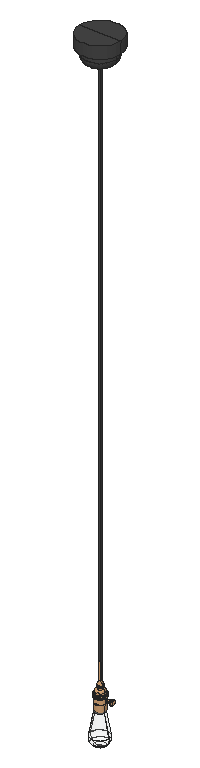
Revit family "SPO-KEY-ORB MB", category Lighting Fixtures, Revit 2020 (continued)
Definition of nested family "SPO-KEY-AB"
  Definition of nested family "SPO-KEY-AB HOLDER"
    Automatic sketch dimensions
      Extrusion 127 sketch curve to Extrusion 127 sketch curve = 0' - 0.0326"
      Extrusion 127 sketch curve to Extrusion 127 sketch curve = 0' - 0.0292"
      Extrusion 127 sketch curve to Extrusion 127 sketch curve = 0' - 0.02806"
      Extrusion 128 sketch curve to Extrusion 128 sketch curve = 0' - 0.02911"
      Extrusion 128 sketch curve to Extrusion 128 sketch curve = 0' - 0.0326"
      Extrusion 128 sketch curve to Extrusion 128 sketch curve = 0' - 0.0292"
      Extrusion 128 sketch curve to Extrusion 128 sketch curve = 0' - 0.02806"
      Extrusion 129 sketch curve to Extrusion 129 sketch curve = 0' - 0.02911"
      Extrusion 129 sketch curve to Extrusion 129 sketch curve = 0' - 0.0326"
      Extrusion 129 sketch curve to Extrusion 129 sketch curve = 0' - 0.0292"
      Extrusion 129 sketch curve to Extrusion 129 sketch curve = 0' - 0.02806"
      Extrusion 130 sketch curve to Extrusion 130 sketch curve = 0' - 0.02911"
      Extrusion 130 sketch curve to Extrusion 130 sketch curve = 0' - 0.0326"
      Extrusion 130 sketch curve to Extrusion 130 sketch curve = 0' - 0.0292"
      Extrusion 130 sketch curve to Extrusion 130 sketch curve = 0' - 0.02806"
      Extrusion 131 sketch curve to Extrusion 131 sketch curve = 0' - 0.02911"
      Extrusion 131 sketch curve to Extrusion 131 sketch curve = 0' - 0.0326"
      Extrusion 131 sketch curve to Extrusion 131 sketch curve = 0' - 0.0292"
      Extrusion 131 sketch curve to Extrusion 131 sketch curve = 0' - 0.02806"
      Extrusion 132 sketch curve to Extrusion 132 sketch curve = 0' - 0.02911"
      Extrusion 132 sketch curve to Extrusion 132 sketch curve = 0' - 0.0326"
      Extrusion 132 sketch curve to Extrusion 132 sketch curve = 0' - 0.0292"
      Extrusion 132 sketch curve to Extrusion 132 sketch curve = 0' - 0.02806"
      Extrusion 133 sketch curve to Extrusion 133 sketch curve = 0' - 0.02911"
      Extrusion 133 sketch curve to Extrusion 133 sketch curve = 0' - 0.0326"
      Extrusion 133 sketch curve to Extrusion 133 sketch curve = 0' - 0.0292"
      Extrusion 133 sketch curve to Extrusion 133 sketch curve = 0' - 0.02806"
      Extrusion 134 sketch curve to Extrusion 134 sketch curve = 0' - 0.03305"
      Extrusion 134 sketch curve to Extrusion 134 sketch curve = 0' - 0.03932"
      Extrusion 134 sketch curve to Extrusion 134 sketch curve = 0' - 0.03299"
      Extrusion 134 sketch curve to Extrusion 134 sketch curve = 0' - 0.03385"
      Extrusion 135 sketch curve to Extrusion 135 sketch curve = 0' - 0.03305"
      Extrusion 135 sketch curve to Extrusion 135 sketch curve = 0' - 0.03932"
      Extrusion 135 sketch curve to Extrusion 135 sketch curve = 0' - 0.03299"
      Extrusion 135 sketch curve to Extrusion 135 sketch curve = 0' - 0.03385"
      Extrusion 136 sketch curve to Extrusion 136 sketch curve = 0' - 0.03305"
      Extrusion 136 sketch curve to Extrusion 136 sketch curve = 0' - 0.03932"
      Extrusion 136 sketch curve to Extrusion 136 sketch curve = 0' - 0.03299"
      Extrusion 136 sketch curve to Extrusion 136 sketch curve = 0' - 0.03385"
      Extrusion 137 sketch curve to Extrusion 137 sketch curve = 0' - 0.03305"
      Extrusion 137 sketch curve to Extrusion 137 sketch curve = 0' - 0.03932"
      Extrusion 137 sketch curve to Extrusion 137 sketch curve = 0' - 0.03299"
      Extrusion 137 sketch curve to Extrusion 137 sketch curve = 0' - 0.03385"
      Extrusion 138 sketch curve to Extrusion 138 sketch curve = 0' - 0.03305"
      Extrusion 138 sketch curve to Extrusion 138 sketch curve = 0' - 0.03932"
      Extrusion 138 sketch curve to Extrusion 138 sketch curve = 0' - 0.03299"
      Extrusion 138 sketch curve to Extrusion 138 sketch curve = 0' - 0.03385"
      Extrusion 139 sketch curve to Extrusion 139 sketch curve = 0' - 0.03305"
      Extrusion 139 sketch curve to Extrusion 139 sketch curve = 0' - 0.03932"
      Extrusion 139 sketch curve to Extrusion 139 sketch curve = 0' - 0.03299"
      Extrusion 139 sketch curve to Extrusion 139 sketch curve = 0' - 0.03385"
      Extrusion 140 sketch curve to Extrusion 140 sketch curve = 0' - 0.03305"
      Extrusion 140 sketch curve to Extrusion 140 sketch curve = 0' - 0.03932"
      Extrusion 140 sketch curve to Extrusion 140 sketch curve = 0' - 0.03299"
      Extrusion 140 sketch curve to Extrusion 140 sketch curve = 0' - 0.03385"
      Extrusion 141 sketch curve to Extrusion 141 sketch curve = 0' - 0.03305"
      Extrusion 141 sketch curve to Extrusion 141 sketch curve = 0' - 0.03932"
      Extrusion 141 sketch curve to Extrusion 141 sketch curve = 0' - 0.03299"
      Extrusion 141 sketch curve to Extrusion 141 sketch curve = 0' - 0.03385"
      Extrusion 142 sketch curve to Extrusion 142 sketch curve = 0' - 0.03305"
      Extrusion 142 sketch curve to Extrusion 142 sketch curve = 0' - 0.03932"
      Extrusion 142 sketch curve to Extrusion 142 sketch curve = 0' - 0.03299"
      Extrusion 142 sketch curve to Extrusion 142 sketch curve = 0' - 0.03385"
      Extrusion 143 sketch curve to Extrusion 143 sketch curve = 0' - 0.03305"
      Extrusion 143 sketch curve to Extrusion 143 sketch curve = 0' - 0.03932"
      Extrusion 143 sketch curve to Extrusion 143 sketch curve = 0' - 0.03299"
      Extrusion 143 sketch curve to Extrusion 143 sketch curve = 0' - 0.03385"
      Extrusion 144 sketch curve to Extrusion 144 sketch curve = 0' - 0.03305"
      Extrusion 144 sketch curve to Extrusion 144 sketch curve = 0' - 0.03932"
      Extrusion 144 sketch curve to Extrusion 144 sketch curve = 0' - 0.03299"
      Extrusion 144 sketch curve to Extrusion 144 sketch curve = 0' - 0.03385"
      Extrusion 145 sketch curve to Extrusion 145 sketch curve = 0' - 0.03305"
      Extrusion 145 sketch curve to Extrusion 145 sketch curve = 0' - 0.03932"
      Extrusion 145 sketch curve to Extrusion 145 sketch curve = 0' - 0.03299"
      Extrusion 145 sketch curve to Extrusion 145 sketch curve = 0' - 0.03385"
      Extrusion 146 sketch curve to Extrusion 146 sketch curve = 0' - 0.03305"
      Extrusion 146 sketch curve to Extrusion 146 sketch curve = 0' - 0.03932"
      Extrusion 146 sketch curve to Extrusion 146 sketch curve = 0' - 0.03299"
      Extrusion 146 sketch curve to Extrusion 146 sketch curve = 0' - 0.03385"
      Extrusion 147 sketch curve to Extrusion 147 sketch curve = 0' - 0.03305"
      Extrusion 147 sketch curve to Extrusion 147 sketch curve = 0' - 0.03932"
      Extrusion 147 sketch curve to Extrusion 147 sketch curve = 0' - 0.03299"
      Extrusion 147 sketch curve to Extrusion 147 sketch curve = 0' - 0.03385"
      Extrusion 148 sketch curve to Extrusion 148 sketch curve = 0' - 0.03305"
      Extrusion 148 sketch curve to Extrusion 148 sketch curve = 0' - 0.03932"
      Extrusion 148 sketch curve to Extrusion 148 sketch curve = 0' - 0.03299"
      Extrusion 148 sketch curve to Extrusion 148 sketch curve = 0' - 0.03385"
      Extrusion 149 sketch curve to Extrusion 149 sketch curve = 0' - 0.03305"
      Extrusion 149 sketch curve to Extrusion 149 sketch curve = 0' - 0.03932"
      Extrusion 149 sketch curve to Extrusion 149 sketch curve = 0' - 0.03299"
      Extrusion 149 sketch curve to Extrusion 149 sketch curve = 0' - 0.03385"
      Extrusion 150 sketch curve to Extrusion 150 sketch curve = 0' - 0.03305"
      Extrusion 150 sketch curve to Extrusion 150 sketch curve = 0' - 0.03932"
      Extrusion 150 sketch curve to Extrusion 150 sketch curve = 0' - 0.03299"
      Extrusion 150 sketch curve to Extrusion 150 sketch curve = 0' - 0.03385"
      Extrusion 151 sketch curve to Extrusion 151 sketch curve = 0' - 0.03305"
      Extrusion 151 sketch curve to Extrusion 151 sketch curve = 0' - 0.03932"
      Extrusion 151 sketch curve to Extrusion 151 sketch curve = 0' - 0.03299"
      Extrusion 151 sketch curve to Extrusion 151 sketch curve = 0' - 0.03385"
      Extrusion 152 sketch curve to Extrusion 152 sketch curve = 0' - 0.03305"
      Extrusion 152 sketch curve to Extrusion 152 sketch curve = 0' - 0.03932"
      Extrusion 152 sketch curve to Extrusion 152 sketch curve = 0' - 0.03299"
      Extrusion 152 sketch curve to Extrusion 152 sketch curve = 0' - 0.03385"
      Extrusion 153 sketch curve to Extrusion 153 sketch curve = 0' - 0.03305"
      Extrusion 153 sketch curve to Extrusion 153 sketch curve = 0' - 0.03932"
      Extrusion 153 sketch curve to Extrusion 153 sketch curve = 0' - 0.03299"
      Extrusion 153 sketch curve to Extrusion 153 sketch curve = 0' - 0.03385"
      Extrusion 154 sketch curve to Extrusion 154 sketch curve = 0' - 0.03305"
      Extrusion 154 sketch curve to Extrusion 154 sketch curve = 0' - 0.03932"
      Extrusion 154 sketch curve to Extrusion 154 sketch curve = 0' - 0.03299"
      Extrusion 154 sketch curve to Extrusion 154 sketch curve = 0' - 0.03385"
      Extrusion 155 sketch curve to Extrusion 155 sketch curve = 0' - 0.03305"
      Extrusion 155 sketch curve to Extrusion 155 sketch curve = 0' - 0.03932"
      Extrusion 155 sketch curve to Extrusion 155 sketch curve = 0' - 0.03299"
      Extrusion 155 sketch curve to Extrusion 155 sketch curve = 0' - 0.03385"
      Extrusion 156 sketch curve to Extrusion 156 sketch curve = 0' - 0.03305"
      Extrusion 156 sketch curve to Extrusion 156 sketch curve = 0' - 0.03932"
      Extrusion 156 sketch curve to Extrusion 156 sketch curve = 0' - 0.03299"
      Extrusion 156 sketch curve to Extrusion 156 sketch curve = 0' - 0.03385"
      Extrusion 157 sketch curve to Extrusion 157 sketch curve = 0' - 0.03305"
      Extrusion 157 sketch curve to Extrusion 157 sketch curve = 0' - 0.03932"
      Extrusion 157 sketch curve to Extrusion 157 sketch curve = 0' - 0.03299"
      Extrusion 157 sketch curve to Extrusion 157 sketch curve = 0' - 0.03385"
      plane 1 "Center (Front/Back)" to Extrusion 1 sketch curve = 0' - 0"
      Extrusion 1 sketch curve to plane 3 "Center (Left/Right)" = 0' - 0"
      Revolve 2 sketch curve to plane 6 = 0' - 0"
      Revolve 2 sketch curve to level = 0' - 0"
      Revolve 2 sketch curve to plane 4 = 0' - 0"
      Revolve 2 sketch curve to plane 3 "Center (Left/Right)" = 0' - 0"  (x2)
      plane 6 to Revolve 2 sketch curve = 0' - 0.06075"
      plane 6 to Revolve 2 sketch curve = 0' - 0.12425"
      Revolve 2 sketch curve to Revolve 2 sketch curve = 0' - 0.18188"
      Revolve 2 sketch curve to Revolve 2 sketch curve = 0' - 0.21893"
      Revolve 2 sketch curve to plane 3 "Center (Left/Right)" = 0' - 0.32164"
      Revolve 2 sketch curve to Revolve 2 sketch curve = 0' - 0.03485"
      Revolve 2 sketch curve to Revolve 2 sketch curve = 0' - 0.05507"
      Revolve 2 sketch curve to plane 3 "Center (Left/Right)" = 0' - 0.18061"
      Revolve 2 sketch curve to Revolve 2 sketch curve = 0' - 0.87307"
      Revolve 2 sketch curve to Revolve 2 sketch curve = 0' - 0.0635"
      Revolve 2 sketch curve to Revolve 2 sketch curve = 0' - 0.67909"
      Revolve 2 sketch curve to Revolve 2 sketch curve = 0' - 0.38706"
      Revolve 2 sketch curve to Revolve 2 sketch curve = 0' - 0.20666"
      Revolve 2 sketch curve to Revolve 2 sketch curve = 0' - 0.06564"
      Revolve 2 sketch curve to Revolve 2 sketch curve = 0' - 0 1/4"
      Revolve 2 sketch curve to Revolve 2 sketch curve = 0' - 0.19319"
      Revolve 2 sketch curve to plane 4 = 0' - 0 1/4"
      Revolve 2 sketch curve to Revolve 2 sketch curve = 0' - 0.12407"
      Revolve 3 sketch curve to plane 5 = 0' - 0.06144"
      plane 5 to Revolve 3 sketch curve = 0' - 0.06784"
      Revolve 3 sketch curve to Revolve 3 sketch curve = 0' - 0.13031"
      Revolve 3 sketch curve to Revolve 3 sketch curve = 0' - 0.10379"
      Revolve 3 sketch curve to Revolve 3 sketch curve = 0' - 0.04714"
      Revolve 3 sketch curve to Revolve 3 sketch curve = 0' - 0.03234"
      Revolve 3 sketch curve to Revolve 3 sketch curve = 0' - 0.10316"
      Revolve 3 sketch curve to Revolve 3 sketch curve = 0' - 0.34639"
      Revolve 3 sketch curve to Revolve 3 sketch curve = 0' - 0.13742"
      level to Revolve 3 sketch curve = 0' - 1.37371"
      Revolve 3 sketch curve to Revolve 3 sketch curve = 0' - 0.04427"
      Revolve 3 sketch curve to Revolve 3 sketch curve = 0' - 0.02015"
      Revolve 3 sketch curve to Revolve 3 sketch curve = 0' - 0.02437"
      Revolve 3 sketch curve to Revolve 3 sketch curve = 0' - 0.01272"
      Revolve 3 sketch curve to Revolve 3 sketch curve = 0' - 0.09592"
      Revolve 3 sketch curve to Revolve 3 sketch curve = 0' - 0.31425"
      Revolve 3 sketch curve to Revolve 3 sketch curve = 0' - 0.09269"
      Revolve 3 sketch curve to Revolve 3 sketch curve = 0' - 0.05975"
      Revolve 3 sketch curve to Revolve 3 sketch curve = 0' - 0.0888"
      Extrusion 158 sketch curve to Extrusion 158 sketch curve = 0' - 0.02628"
      Extrusion 158 sketch curve to Extrusion 158 sketch curve = 0' - 0.04498"
      Extrusion 158 sketch curve to Extrusion 158 sketch curve = 0' - 0.02258"
      Extrusion 158 sketch curve to Extrusion 158 sketch curve = 0' - 0.02891"
      Extrusion 159 sketch curve to Extrusion 159 sketch curve = 0' - 0.02628"
      Extrusion 159 sketch curve to Extrusion 159 sketch curve = 0' - 0.04498"
      Extrusion 159 sketch curve to Extrusion 159 sketch curve = 0' - 0.02258"
      Extrusion 159 sketch curve to Extrusion 159 sketch curve = 0' - 0.02891"
      Extrusion 160 sketch curve to Extrusion 160 sketch curve = 0' - 0.02628"
      Extrusion 160 sketch curve to Extrusion 160 sketch curve = 0' - 0.04498"
      Extrusion 160 sketch curve to Extrusion 160 sketch curve = 0' - 0.02258"
      Extrusion 160 sketch curve to Extrusion 160 sketch curve = 0' - 0.02891"
      Extrusion 161 sketch curve to Extrusion 161 sketch curve = 0' - 0.02628"
      Extrusion 161 sketch curve to Extrusion 161 sketch curve = 0' - 0.04498"
      Extrusion 161 sketch curve to Extrusion 161 sketch curve = 0' - 0.02258"
      Extrusion 161 sketch curve to Extrusion 161 sketch curve = 0' - 0.02891"
      Extrusion 162 sketch curve to Extrusion 162 sketch curve = 0' - 0.02628"
      Extrusion 162 sketch curve to Extrusion 162 sketch curve = 0' - 0.04498"
      Extrusion 162 sketch curve to Extrusion 162 sketch curve = 0' - 0.02258"
      Extrusion 162 sketch curve to Extrusion 162 sketch curve = 0' - 0.02891"
      Extrusion 163 sketch curve to Extrusion 163 sketch curve = 0' - 0.02628"
      Extrusion 163 sketch curve to Extrusion 163 sketch curve = 0' - 0.04498"
      Extrusion 163 sketch curve to Extrusion 163 sketch curve = 0' - 0.02258"
      Extrusion 163 sketch curve to Extrusion 163 sketch curve = 0' - 0.02891"
      Extrusion 164 sketch curve to Extrusion 164 sketch curve = 0' - 0.02628"
      Extrusion 164 sketch curve to Extrusion 164 sketch curve = 0' - 0.04498"
      Extrusion 164 sketch curve to Extrusion 164 sketch curve = 0' - 0.02258"
      Extrusion 164 sketch curve to Extrusion 164 sketch curve = 0' - 0.02891"
      Extrusion 165 sketch curve to Extrusion 165 sketch curve = 0' - 0.02628"
      Extrusion 165 sketch curve to Extrusion 165 sketch curve = 0' - 0.04498"
      Extrusion 165 sketch curve to Extrusion 165 sketch curve = 0' - 0.02258"
      Extrusion 165 sketch curve to Extrusion 165 sketch curve = 0' - 0.02891"
      Extrusion 166 sketch curve to Extrusion 166 sketch curve = 0' - 0.02628"
      Extrusion 166 sketch curve to Extrusion 166 sketch curve = 0' - 0.04498"
      Extrusion 166 sketch curve to Extrusion 166 sketch curve = 0' - 0.02258"
      Extrusion 166 sketch curve to Extrusion 166 sketch curve = 0' - 0.02891"
      Extrusion 167 sketch curve to Extrusion 167 sketch curve = 0' - 0.02628"
      Extrusion 167 sketch curve to Extrusion 167 sketch curve = 0' - 0.04498"
      Extrusion 167 sketch curve to Extrusion 167 sketch curve = 0' - 0.02258"
      Extrusion 167 sketch curve to Extrusion 167 sketch curve = 0' - 0.02891"
      Extrusion 168 sketch curve to Extrusion 168 sketch curve = 0' - 0.02628"
      Extrusion 168 sketch curve to Extrusion 168 sketch curve = 0' - 0.04498"
      Extrusion 168 sketch curve to Extrusion 168 sketch curve = 0' - 0.02258"
      Extrusion 168 sketch curve to Extrusion 168 sketch curve = 0' - 0.02891"
      Extrusion 169 sketch curve to Extrusion 169 sketch curve = 0' - 0.02628"
      Extrusion 169 sketch curve to Extrusion 169 sketch curve = 0' - 0.04498"
      Extrusion 169 sketch curve to Extrusion 169 sketch curve = 0' - 0.02258"
      Extrusion 169 sketch curve to Extrusion 169 sketch curve = 0' - 0.02891"
      Extrusion 170 sketch curve to Extrusion 170 sketch curve = 0' - 0.02628"
      Extrusion 170 sketch curve to Extrusion 170 sketch curve = 0' - 0.04498"
      Extrusion 170 sketch curve to Extrusion 170 sketch curve = 0' - 0.02258"
      Extrusion 170 sketch curve to Extrusion 170 sketch curve = 0' - 0.02891"
      Extrusion 171 sketch curve to Extrusion 171 sketch curve = 0' - 0.02628"
      Extrusion 171 sketch curve to Extrusion 171 sketch curve = 0' - 0.04498"
      Extrusion 171 sketch curve to Extrusion 171 sketch curve = 0' - 0.02258"
      Extrusion 171 sketch curve to Extrusion 171 sketch curve = 0' - 0.02891"
      Extrusion 172 sketch curve to Extrusion 172 sketch curve = 0' - 0.02628"
      Extrusion 172 sketch curve to Extrusion 172 sketch curve = 0' - 0.04498"
      Extrusion 172 sketch curve to Extrusion 172 sketch curve = 0' - 0.02258"
      Extrusion 172 sketch curve to Extrusion 172 sketch curve = 0' - 0.02891"
      Extrusion 173 sketch curve to Extrusion 173 sketch curve = 0' - 0.02628"
      Extrusion 173 sketch curve to Extrusion 173 sketch curve = 0' - 0.04498"
      Extrusion 173 sketch curve to Extrusion 173 sketch curve = 0' - 0.02258"
      Extrusion 173 sketch curve to Extrusion 173 sketch curve = 0' - 0.02891"
      Extrusion 174 sketch curve to Extrusion 174 sketch curve = 0' - 0.02628"
      Extrusion 174 sketch curve to Extrusion 174 sketch curve = 0' - 0.04498"
      Extrusion 174 sketch curve to Extrusion 174 sketch curve = 0' - 0.02258"
      Extrusion 174 sketch curve to Extrusion 174 sketch curve = 0' - 0.02891"
      Extrusion 175 sketch curve to Extrusion 175 sketch curve = 0' - 0.02628"
      Extrusion 175 sketch curve to Extrusion 175 sketch curve = 0' - 0.04498"
      Extrusion 175 sketch curve to Extrusion 175 sketch curve = 0' - 0.02258"
      Extrusion 175 sketch curve to Extrusion 175 sketch curve = 0' - 0.02891"
      Extrusion 176 sketch curve to Extrusion 176 sketch curve = 0' - 0.02628"
      Extrusion 176 sketch curve to Extrusion 176 sketch curve = 0' - 0.04498"
      Extrusion 176 sketch curve to Extrusion 176 sketch curve = 0' - 0.02258"
      Extrusion 176 sketch curve to Extrusion 176 sketch curve = 0' - 0.02891"
      Extrusion 177 sketch curve to Extrusion 177 sketch curve = 0' - 0.02628"
      Extrusion 177 sketch curve to Extrusion 177 sketch curve = 0' - 0.04498"
      Extrusion 177 sketch curve to Extrusion 177 sketch curve = 0' - 0.02258"
      Extrusion 177 sketch curve to Extrusion 177 sketch curve = 0' - 0.02891"
      Extrusion 178 sketch curve to Extrusion 178 sketch curve = 0' - 0.02628"
      Extrusion 178 sketch curve to Extrusion 178 sketch curve = 0' - 0.04498"
      Extrusion 178 sketch curve to Extrusion 178 sketch curve = 0' - 0.02258"
      Extrusion 178 sketch curve to Extrusion 178 sketch curve = 0' - 0.02891"
      Extrusion 179 sketch curve to Extrusion 179 sketch curve = 0' - 0.02628"
      Extrusion 179 sketch curve to Extrusion 179 sketch curve = 0' - 0.04498"
      Extrusion 179 sketch curve to Extrusion 179 sketch curve = 0' - 0.02258"
      Extrusion 179 sketch curve to Extrusion 179 sketch curve = 0' - 0.02891"
      Extrusion 180 sketch curve to Extrusion 180 sketch curve = 0' - 0.02628"
      Extrusion 180 sketch curve to Extrusion 180 sketch curve = 0' - 0.04498"
      Extrusion 180 sketch curve to Extrusion 180 sketch curve = 0' - 0.02258"
      Extrusion 180 sketch curve to Extrusion 180 sketch curve = 0' - 0.02891"
      Extrusion 181 sketch curve to Extrusion 181 sketch curve = 0' - 0.02628"
      Extrusion 181 sketch curve to Extrusion 181 sketch curve = 0' - 0.04498"
      Extrusion 181 sketch curve to Extrusion 181 sketch curve = 0' - 0.02258"
      Extrusion 181 sketch curve to Extrusion 181 sketch curve = 0' - 0.02891"
      Extrusion 182 sketch curve to Extrusion 182 sketch curve = 0' - 0.02628"
      Extrusion 182 sketch curve to Extrusion 182 sketch curve = 0' - 0.04498"
      Extrusion 182 sketch curve to Extrusion 182 sketch curve = 0' - 0.02258"
      Extrusion 182 sketch curve to Extrusion 182 sketch curve = 0' - 0.02891"
      Extrusion 183 sketch curve to Extrusion 183 sketch curve = 0' - 0.02628"
      Extrusion 183 sketch curve to Extrusion 183 sketch curve = 0' - 0.04498"
      Extrusion 183 sketch curve to Extrusion 183 sketch curve = 0' - 0.02258"
      Extrusion 183 sketch curve to Extrusion 183 sketch curve = 0' - 0.02891"
      Extrusion 184 sketch curve to Extrusion 184 sketch curve = 0' - 0.02628"
      Extrusion 184 sketch curve to Extrusion 184 sketch curve = 0' - 0.04498"
      Extrusion 184 sketch curve to Extrusion 184 sketch curve = 0' - 0.02258"
      Extrusion 184 sketch curve to Extrusion 184 sketch curve = 0' - 0.02891"
      Extrusion 185 sketch curve to Extrusion 185 sketch curve = 0' - 0.02628"
      Extrusion 185 sketch curve to Extrusion 185 sketch curve = 0' - 0.04498"
      Extrusion 185 sketch curve to Extrusion 185 sketch curve = 0' - 0.02258"
      Extrusion 185 sketch curve to Extrusion 185 sketch curve = 0' - 0.02891"
      radius of Extrusion 1 sketch curve = 0' - 0.1524"
  Definition of nested family "light"
    Parameters
      SPB [instance] = yes
      GLASS = none
      Default Elevation = 0' - 0"
      Body [instance] = none
    Reference planes (in)
      plane 1 "Center (Front/Back)": y = 0
      plane 2: z = 0
      plane 3 "Center (Left/Right)": x = 0
      plane 4: z = 3
      plane 5: x = 0.75
      plane 6: x = -0.75
    Forms (in)
      Revolve 1, solid, material <- "GLASS"
        sketch origin (0, 0, -0.00124) x (1, 0, 0) y (0, 0, 1)
          loop
            line (0, 0.00124) -> (-0.47169, 0.00124)
            arc (-0.47169, 0.00124) -> (-0.59465, -0.08077) -> (-0.64543, -0.21957) r 0.23785
            line (-0.64543, -0.21957) -> (-1.18272, -3.03558)
            arc (-1.18272, -3.03558) -> (-1.18535, -3.41114) -> (-1.05444, -3.76315) r 1.04013
            arc (-1.05444, -3.76315) -> (-0.89651, -3.966) -> (-0.69365, -4.12393) r 1.04013
            arc (-0.69365, -4.12393) -> (-0.44112, -4.23419) -> (-0.17715, -4.31325) r 2.2844
            line (-0.17715, -4.31325) -> (-0.02963, -4.36987)
            arc (-0.02963, -4.36987) -> (-0.01545, -4.37654) -> (0, -4.37915) r 0.05766
            line (0, -4.37915) -> (0, -4.34756) -> (-0.27212, -4.27661)
            arc (-0.27212, -4.27661) -> (-0.48406, -4.20538) -> (-0.68798, -4.11367) r 2.27268
            arc (-0.68798, -4.11367) -> (-0.88836, -3.95758) -> (-1.04437, -3.75715) r 1.02841
            arc (-1.04437, -3.75715) -> (-1.17381, -3.4091) -> (-1.17121, -3.03778) r 1.02841
            line (-1.17121, -3.03778) -> (-0.63375, -0.22087)
            arc (-0.63375, -0.22087) -> (-0.60139, -0.11111) -> (-0.51945, -0.03125) r 0.22613
            line (-0.51945, -0.03125) -> (0, -0.03125) -> (0, 0.00124)
          axis (0, 0.00124) -> (0, -4.37915)
        angle from 0 to 360
    Dimensions and locks (in)
      aligned and locked: plane 2 to level
      aligned and locked: Revolve 1 to level
Definition of nested family "E6 26 INCH"
  Parameters (values of type "E6 26 INCH")
    URL = ""
    Placement X axis side [instance] = 2' - 2"
    Model = ""
    Manufacturer = ""
    Light Elevation [instance] = 8' - 4"
    E 6 26 inch [instance] = yes
    Default Elevation = 0' - 0"
    Chain Length [instance] = 0' - 0"
    Body Material [instance] = none
  Reference planes (in)
    plane 1 "Light Source Axis (F/B)": y = 0
    plane 2: z = 0
    plane 3 "Light Source Axis (L/R)": x = 0
    plane 4 "Light Source Elevation": z = 23.125
    plane 5: z = 100
    plane 6: x = -26
    plane 7: z = 99.125
    plane 8: x = -24.12
    plane 9: x = -25.5474
  Forms (in)
    Extrusion 1, void, not visible
      sketch origin (0, 0, 2.38154) x (1, 0, 0) y (0, 0, 1)
        loop
          circle (0, 4.59925) r 0.16583
      from 1.18594 to 1.75
    Extrusion 2, void, not visible
      sketch origin (0, 0, 2.38154) x (0.707107, -0.707107, 0) y (0, 0, 1)
        loop
          circle (0, 4.59925) r 0.16583
      from 1.18594 to 1.75
    Extrusion 3, void, not visible
      sketch origin (0, 0, 2.38154) x (0.707107, 0.707107, 0) y (0, 0, 1)
        loop
          circle (0, 4.59925) r 0.16583
      from 1.18594 to 1.75
    Extrusion 4, void, not visible
      sketch origin (0, 0, 2.38154) x (0, 1, 0) y (0, 0, 1)
        loop
          circle (0, 4.59925) r 0.16583
      from 1.18594 to 1.75
    Extrusion 5, void, not visible
      sketch origin (0, 0, 2.38154) x (-0.707107, 0.707107, 0) y (0, 0, 1)
        loop
          circle (0, 4.59925) r 0.16583
      from 1.18594 to 1.75
    Extrusion 6, void, not visible
      sketch origin (0, 0, 2.38154) x (-1, 0, 0) y (0, 0, 1)
        loop
          circle (0, 4.59925) r 0.20678
      from 1.18594 to 1.75
    Extrusion 7, void, not visible
      sketch origin (0, 0, 2.38154) x (-0.707107, -0.707107, 0) y (0, 0, 1)
        loop
          circle (0, 4.59925) r 0.16583
      from 1.18594 to 1.75
    Extrusion 8, void, not visible
      sketch origin (0, 0, 2.38154) x (0, -1, 0) y (0, 0, 1)
        loop
          circle (0, 4.59925) r 0.16583
      from 1.18594 to 1.75
    Sweep 9, solid, material <- "Body Material", visible <- "E 6 26 inch"
      path origin (-41.25, 0, 168.51693) x (1, 0, 0) y (0, 0, 1)
        loop
          line (17.13, -68.51693) -> (27.68551, -68.51693)
          arc (27.68551, -68.51693) -> (28.47996, -68.34486) -> (29.13202, -67.8595) r 1.92004
          line (29.13202, -67.8595) -> (34.23651, -62.01155)
          arc (34.23651, -62.01155) -> (38.65464, -60.89667) -> (41.25, -64.64193) r 4
          line (41.25, -64.64193) -> (41.25, -69.39193)
      profile origin (-18.84224, 0, 100) x (0, 0, 1) y (0, -1, 0)
        loop
          circle (0, 0) r 0.5
    Revolve 10, solid, material <- "Body Material", visible <- "E 6 26 inch"
      sketch origin (-26, 0, 168.51693) x (1, 0, 0) y (0, 0, 1)
        loop
          line (0, -66.07943) -> (0, -68.51693) -> (1.88, -68.51693) -> (1.88, -67.69272) -> (0.4526, -67.69272) -> (0.4526, -66.54122) -> (0.33125, -66.54122) -> (0.33125, -66.07943) -> (0, -66.07943)
        axis (0, -68.51693) -> (1.88, -68.51693)
      angle from 0 to 360
    Extrusion 11, solid, material <- "Body Material", visible <- "E 6 26 inch"
      sketch origin (-26, 0, 168.51693) x (0, -1, 0) y (0, 0, -1)
        loop
          line (0.25, 68.51693) -> (0.25, 69.51693) -> (-0.25, 69.51693) -> (-0.25, 68.51693) -> (0.25, 68.51693)
      from 0.4526 to 1.88
  Cuts and joins
    joined: Revolve 10, Extrusion 11
  Dimensions and locks (in)
    "Light Elevation": plane 5 to plane 2
    "Placement X axis side": plane 3 "Light Source Axis (L/R)" to plane 6
    locked: plane 5 to plane 7 at 0.875
    Revolve 10 sketch curve to Revolve 10 sketch curve to Revolve 10 sketch curve to plane 6 = 0' - 1.4274" locked, 0' - 0.12135" locked, 0' - 0.33125" locked
    Revolve 10 sketch curve to Revolve 10 sketch curve to Revolve 10 sketch curve to plane 5 = 0' - 0.46179" locked, 0' - 1.1515" locked, 0' - 0 211/256" locked
    locked: Sweep 9 sketch curve to plane 6 at 1.88
    locked: Sweep 9 sketch curve to Sweep 9 sketch curve at 10.55551
    locked: Sweep 9 sketch curve to Sweep 9 sketch curve at 13.56449
    locked: Sweep 9 sketch curve to Sweep 9 sketch curve at 4.75
    locked: plane 9 to plane 6 at 0.4526
    locked: plane 8 to plane 9 at 1.4274
    aligned and locked: level to plane 2
    aligned and locked: Revolve 10 sketch curve to plane 6
    aligned and locked: plane 5 to Revolve 10 sketch curve
    aligned and locked: Revolve 10 sketch curve to plane 5
    aligned and locked: cut or joined group of Revolve 10, Extrusion 11 to plane 9
    aligned and locked: plane 8 to cut or joined group of Revolve 10, Extrusion 11
  Automatic sketch dimensions
    Sweep 9 sketch curve to plane 5 = 0' - 0"
    Sweep 9 sketch curve to Sweep 9 sketch curve = 0' - 4"
    Sweep 9 sketch curve to Sweep 9 sketch curve = 0' - 3.01349"
    plane 5 to Sweep 9 sketch curve = 0' - 0.65743"
    Sweep 9 sketch curve to Sweep 9 sketch curve = 0' - 1.4465"
    Sweep 9 sketch curve to plane 5 = 0' - 0 7/8"
    profile plane to Sweep 9 sketch curve = 0' - 0"
    Sweep 9 sketch curve to profile plane = 0' - 0"
    plane 6 to Revolve 10 sketch curve = 0' - 0.62562"
    Revolve 10 sketch curve to Revolve 10 sketch curve = 0' - 0 1/2"
    Extrusion 11 sketch curve to plane 5 = 0' - 0"
    plane 1 "Light Source Axis (F/B)" to Extrusion 11 sketch curve = 0' - 0 1/4"
    Extrusion 11 sketch curve to plane 1 "Light Source Axis (F/B)" = 0' - 0 1/4"
    plane 5 to Extrusion 11 sketch curve = 0' - 1"
    radius of Sweep 9 sketch curve = 0' - 0 1/2"
Definition of nested family "E7 41 INCH"
  Parameters (values of type "E7 41 INCH")
    URL = ""
    Placement X axis side [instance] = 4' - 2"
    Model = ""
    Manufacturer = ""
    Light Elevation [instance] = 8' - 4"
    E7 41 inch [instance] = yes
    Default Elevation = 0' - 0"
    Chain Length [instance] = 0' - 0"
    Body Material [instance] = none
  Reference planes (in)
    plane 1 "Light Source Axis (F/B)": y = 0
    plane 2: z = 0
    plane 3 "Light Source Axis (L/R)": x = 0
    plane 4 "Light Source Elevation": z = 23.125
    plane 5: z = 100
    plane 6: x = -50
  Forms (in)
    Extrusion 1, void, not visible
      sketch origin (0, 0, 2.38154) x (1, 0, 0) y (0, 0, 1)
        loop
          circle (0, 4.59925) r 0.16583
      from 1.18594 to 1.75
    Extrusion 2, void, not visible
      sketch origin (0, 0, 2.38154) x (0.707107, -0.707107, 0) y (0, 0, 1)
        loop
          circle (0, 4.59925) r 0.16583
      from 1.18594 to 1.75
    Extrusion 3, void, not visible
      sketch origin (0, 0, 2.38154) x (0.707107, 0.707107, 0) y (0, 0, 1)
        loop
          circle (0, 4.59925) r 0.16583
      from 1.18594 to 1.75
    Extrusion 4, void, not visible
      sketch origin (0, 0, 2.38154) x (0, 1, 0) y (0, 0, 1)
        loop
          circle (0, 4.59925) r 0.16583
      from 1.18594 to 1.75
    Extrusion 5, void, not visible
      sketch origin (0, 0, 2.38154) x (-0.707107, 0.707107, 0) y (0, 0, 1)
        loop
          circle (0, 4.59925) r 0.16583
      from 1.18594 to 1.75
    Extrusion 6, void, not visible
      sketch origin (0, 0, 2.38154) x (-1, 0, 0) y (0, 0, 1)
        loop
          circle (0, 4.59925) r 0.20678
      from 1.18594 to 1.75
    Extrusion 7, void, not visible
      sketch origin (0, 0, 2.38154) x (-0.707107, -0.707107, 0) y (0, 0, 1)
        loop
          circle (0, 4.59925) r 0.16583
      from 1.18594 to 1.75
    Extrusion 8, void, not visible
      sketch origin (0, 0, 2.38154) x (0, -1, 0) y (0, 0, 1)
        loop
          circle (0, 4.59925) r 0.16583
      from 1.18594 to 1.75
    Revolve 9, solid, material <- "Body Material", visible <- "E7 41 inch"
      sketch origin (-41.25, 0, 168.39193) x (1, 0, 0) y (0, 0, 1)
        loop
          line (-8.75, -66.20443) -> (-8.75, -68.51693) -> (-6.87, -68.51693) -> (-6.87, -67.69272) -> (-8.2974, -67.69272) -> (-8.2974, -66.54122) -> (-8.41875, -66.54122) -> (-8.41875, -66.20443) -> (-8.75, -66.20443)
        axis (-8.75, -68.51693) -> (-6.87, -68.51693)
      angle from 0 to 360
    Extrusion 10, solid, material <- "Body Material", visible <- "E7 41 inch"
      sketch origin (-41.25, 0, 168.39193) x (0, -1, 0) y (0, 0, -1)
        loop
          line (0.25, 68.51693) -> (0.25, 69.51693) -> (-0.25, 69.51693) -> (-0.25, 68.51693) -> (0.25, 68.51693)
      from -8.2974 to -6.87
    Sweep 11, solid, material <- "Body Material", visible <- "E7 41 inch"
      path origin (-41.25, 0, 168.39193) x (1, 0, 0) y (0, 0, 1)
        loop
          line (-6.87, -68.51693) -> (16.04011, -68.51693)
          arc (16.04011, -68.51693) -> (17.864, -68.13651) -> (19.38375, -67.0587) r 4.5625
          line (19.38375, -67.0587) -> (24.70217, -61.33018)
          arc (24.70217, -61.33018) -> (29.64465, -60.20324) -> (32.5, -64.39193) r 4.5
          line (32.5, -64.39193) -> (32.5, -68.39193)
      profile origin (-36.66494, 0, 99.875) x (0, 0, 1) y (0, -1, 0)
        loop
          circle (0, 0) r 0.5
  Dimensions and locks (in)
    "Placement X axis side": plane 3 "Light Source Axis (L/R)" to plane 6
    "Light Elevation": plane 5 to plane 2
    locked: Revolve 9 sketch curve to Revolve 9 sketch curve at 0.33125
    locked: Revolve 9 sketch curve to Revolve 9 sketch curve at 0.4526
    locked: Revolve 9 sketch curve to Revolve 9 sketch curve at 1.88
    locked: Revolve 9 sketch curve to Revolve 9 sketch curve at 0.82421
    locked: Revolve 9 sketch curve to Revolve 9 sketch curve at 1.1515
    locked: Revolve 9 sketch curve to Revolve 9 sketch curve at 0.33679
    locked: plane 5 to Revolve 9 sketch curve at 0.125
    locked: Extrusion 10 sketch curve to Extrusion 10 sketch curve at 0.5
    locked: Extrusion 10 sketch curve to Extrusion 10 sketch curve at 1
    locked: plane 5 to Extrusion 10 sketch curve at 0.125
    locked: plane 5 to Sweep 11 sketch curve at 0.125
    locked: Sweep 11 sketch curve to Sweep 11 sketch curve at 39.37
    locked: Sweep 11 sketch curve to Sweep 11 sketch curve at 4
    locked: plane 6 to Extrusion 10 at 0.4526
    locked: Sweep 11 sketch curve to plane 6 at 1.88
    locked: Extrusion 10 to Extrusion 10 at 1.4274
    aligned and locked: plane 2 to level
    aligned and locked: Revolve 9 sketch curve to plane 6
  Automatic sketch dimensions
    Revolve 9 sketch curve to plane 5 = 0' - 0 1/8"
    plane 6 to Revolve 9 sketch curve = 0' - 0.62562"
    Revolve 9 sketch curve to Revolve 9 sketch curve = 0' - 0 1/2"
    plane 1 "Light Source Axis (F/B)" to Extrusion 10 sketch curve = 0' - 0 1/4"
    Sweep 11 sketch curve to plane 5 = 0' - 0"
    Sweep 11 sketch curve to Sweep 11 sketch curve = 0' - 4 1/2"
    Sweep 11 sketch curve to Sweep 11 sketch curve = 0' - 3.29783"
    plane 5 to Sweep 11 sketch curve = 0' - 1.33323"
    Sweep 11 sketch curve to Sweep 11 sketch curve = 0' - 5.31842"
    Sweep 11 sketch curve to Sweep 11 sketch curve = 0' - 3.34364"
    profile plane to Sweep 11 sketch curve = 0' - 0"
    Sweep 11 sketch curve to profile plane = 0' - 0"
    radius of Sweep 11 sketch curve = 0' - 0 1/2"
Definition of nested family "E36 20 INCH"
  Parameters (values of type "E36 20 INCH")
    URL = ""
    Placement X axis side [instance] = 1' - 8 1/4"
    Model = ""
    Manufacturer = ""
    Light Elevation [instance] = 8' - 4"
    E36 20 inch [instance] = yes
    Default Elevation = 0' - 0"
    Chain Length [instance] = 0' - 0"
    Body Material [instance] = none
  Reference planes (in)
    plane 1 "Light Source Axis (F/B)": y = 0
    plane 2: z = 0
    plane 3 "Light Source Axis (L/R)": x = 0
    plane 4 "Light Source Elevation": z = 23.125
    plane 5: z = 99
    plane 6: x = -20.25
    plane 7: z = 100
    plane 8: x = -18.37008
    plane 9: x = -19.79724
  Forms (in)
    Extrusion 1, void, not visible
      sketch origin (0, 0, 2.38154) x (1, 0, 0) y (0, 0, 1)
        loop
          circle (0, 4.59925) r 0.16583
      from 1.18594 to 1.75
    Extrusion 2, void, not visible
      sketch origin (0, 0, 2.38154) x (0.707107, -0.707107, 0) y (0, 0, 1)
        loop
          circle (0, 4.59925) r 0.16583
      from 1.18594 to 1.75
    Extrusion 3, void, not visible
      sketch origin (0, 0, 2.38154) x (0.707107, 0.707107, 0) y (0, 0, 1)
        loop
          circle (0, 4.59925) r 0.16583
      from 1.18594 to 1.75
    Extrusion 4, void, not visible
      sketch origin (0, 0, 2.38154) x (0, 1, 0) y (0, 0, 1)
        loop
          circle (0, 4.59925) r 0.16583
      from 1.18594 to 1.75
    Extrusion 5, void, not visible
      sketch origin (0, 0, 2.38154) x (-0.707107, 0.707107, 0) y (0, 0, 1)
        loop
          circle (0, 4.59925) r 0.16583
      from 1.18594 to 1.75
    Extrusion 6, void, not visible
      sketch origin (0, 0, 2.38154) x (-1, 0, 0) y (0, 0, 1)
        loop
          circle (0, 4.59925) r 0.20678
      from 1.18594 to 1.75
    Extrusion 7, void, not visible
      sketch origin (0, 0, 2.38154) x (-0.707107, -0.707107, 0) y (0, 0, 1)
        loop
          circle (0, 4.59925) r 0.16583
      from 1.18594 to 1.75
    Extrusion 8, void, not visible
      sketch origin (0, 0, 2.38154) x (0, -1, 0) y (0, 0, 1)
        loop
          circle (0, 4.59925) r 0.16583
      from 1.18594 to 1.75
    Sweep 9, solid, material <- "Body Material", visible <- "E36 20 inch"
      path origin (-41.25, 0, 169.51693) x (1, 0, 0) y (0, 0, 1)
        loop
          line (22.88, -69.51693) -> (28.93827, -69.51693)
          arc (28.93827, -69.51693) -> (29.97705, -69.28152) -> (30.81284, -68.62128) r 2.40953
          line (30.81284, -68.62128) -> (34.13807, -64.50378)
          arc (34.13807, -64.50378) -> (38.58272, -63.24548) -> (41.25, -67.01693) r 4
          line (41.25, -67.01693) -> (41.25, -70.51693)
      profile origin (-15.34086, 0, 100) x (0, 0, 1) y (0, -1, 0)
        loop
          circle (0, 0) r 0.5
    Revolve 10, solid, material <- "Body Material", visible <- "E36 20 inch"
      sketch origin (-20.25, 0, 169.51693) x (1, 0, 0) y (0, 0, 1)
        loop
          line (0, -67.20443) -> (0, -69.51693) -> (1.88, -69.51693) -> (1.88, -68.69272) -> (0.4526, -68.69272) -> (0.4526, -67.54122) -> (0.33125, -67.54122) -> (0.33125, -67.20443) -> (0, -67.20443)
        axis (0, -69.51693) -> (1.88, -69.51693)
      angle from 0 to 360
    Extrusion 11, solid, material <- "Body Material", visible <- "E36 20 inch"
      sketch origin (-20.25, 0, 169.51693) x (0, -1, 0) y (0, 0, -1)
        loop
          line (0.25, 69.51693) -> (0.25, 70.51693) -> (-0.25, 70.51693) -> (-0.25, 69.51693) -> (0.25, 69.51693)
      from 1.87992 to 0.45276
  Cuts and joins
    joined: Revolve 10, Extrusion 11
  Dimensions and locks (in)
    "Light Elevation": plane 7 to plane 2
    "Placement X axis side": plane 3 "Light Source Axis (L/R)" to plane 6
    locked: plane 7 to plane 5 at 1
    Revolve 10 sketch curve to Revolve 10 sketch curve to Revolve 10 sketch curve to plane 7 = 0' - 0.33679" locked, 0' - 1.1515" locked, 0' - 0 211/256" locked
    locked: Sweep 9 sketch curve to plane 6 at 1.88
    locked: Sweep 9 sketch curve to Sweep 9 sketch curve at 6.05827
    locked: Sweep 9 sketch curve to Sweep 9 sketch curve at 12.31173
    locked: Sweep 9 sketch curve to Sweep 9 sketch curve at 3.5
    Revolve 10 sketch curve to Revolve 10 sketch curve to Revolve 10 sketch curve to plane 6 = 0' - 1.4274" locked, 0' - 0.12135" locked, 0' - 0.33125" locked
    locked: plane 9 to plane 6 at 0.45276
    locked: plane 8 to plane 9 at 1.42717
    aligned and locked: level to plane 2
    aligned and locked: plane 7 to Revolve 10 sketch curve
    aligned and locked: Revolve 10 sketch curve to plane 7
    aligned and locked: Revolve 10 sketch curve to plane 6
    aligned and locked: cut or joined group of Revolve 10, Extrusion 11 to plane 9
    aligned and locked: plane 8 to cut or joined group of Revolve 10, Extrusion 11
  Automatic sketch dimensions
    Sweep 9 sketch curve to plane 7 = 0' - 0"
    Sweep 9 sketch curve to plane 5 = 0' - 0"
    Sweep 9 sketch curve to Sweep 9 sketch curve = 0' - 4"
    Sweep 9 sketch curve to plane 7 = 0' - 0.89565"
    Sweep 9 sketch curve to Sweep 9 sketch curve = 0' - 3.32523"
    Sweep 9 sketch curve to Sweep 9 sketch curve = 0' - 1.87457"
    profile plane to Sweep 9 sketch curve = 0' - 0"
    Sweep 9 sketch curve to profile plane = 0' - 0"
    plane 6 to Revolve 10 sketch curve = 0' - 0.62562"
    Revolve 10 sketch curve to Revolve 10 sketch curve = 0' - 0 1/2"
    plane 7 to Extrusion 11 sketch curve = 0' - 0"
    Extrusion 11 sketch curve to plane 5 = 0' - 0"
    plane 1 "Light Source Axis (F/B)" to Extrusion 11 sketch curve = 0' - 0 1/4"
    Extrusion 11 sketch curve to plane 1 "Light Source Axis (F/B)" = 0' - 0 1/4"
    radius of Sweep 9 sketch curve = 0' - 0 1/2"
Definition of nested family "POST MOUNT"
  Parameters (values of type "POST MOUNT")
    URL = ""
    Post Mount [instance] = yes
    Placement X axis side [instance] = 2' - 2 1/2"
    Model = ""
    Manufacturer = ""
    Light Elevation [instance] = 14' - 0.5168"
    Default Elevation = 0' - 0"
    Chain Length [instance] = 0' - 0"
    Body Material [instance] = none
  Reference planes (in)
    plane 1 "Light Source Axis (F/B)": y = 0
    plane 2: z = 0
    plane 3 "Light Source Axis (L/R)": x = 0
    plane 4 "Light Source Elevation": z = 23.125
    plane 5: x = -26.5
    plane 6: z = 168.5168
  Forms (in)
    Extrusion 1, void, not visible
      sketch origin (0, 0, 2.38154) x (1, 0, 0) y (0, 0, 1)
        loop
          circle (0, 4.59925) r 0.16583
      from 1.18594 to 1.75
    Extrusion 2, void, not visible
      sketch origin (0, 0, 2.38154) x (0.707107, -0.707107, 0) y (0, 0, 1)
        loop
          circle (0, 4.59925) r 0.16583
      from 1.18594 to 1.75
    Extrusion 3, void, not visible
      sketch origin (0, 0, 2.38154) x (0.707107, 0.707107, 0) y (0, 0, 1)
        loop
          circle (0, 4.59925) r 0.16583
      from 1.18594 to 1.75
    Extrusion 4, void, not visible
      sketch origin (0, 0, 2.38154) x (0, 1, 0) y (0, 0, 1)
        loop
          circle (0, 4.59925) r 0.16583
      from 1.18594 to 1.75
    Extrusion 5, void, not visible
      sketch origin (0, 0, 2.38154) x (-0.707107, 0.707107, 0) y (0, 0, 1)
        loop
          circle (0, 4.59925) r 0.16583
      from 1.18594 to 1.75
    Extrusion 6, void, not visible
      sketch origin (0, 0, 2.38154) x (-1, 0, 0) y (0, 0, 1)
        loop
          circle (0, 4.59925) r 0.20678
      from 1.18594 to 1.75
    Extrusion 7, void, not visible
      sketch origin (0, 0, 2.38154) x (-0.707107, -0.707107, 0) y (0, 0, 1)
        loop
          circle (0, 4.59925) r 0.16583
      from 1.18594 to 1.75
    Extrusion 8, void, not visible
      sketch origin (0, 0, 2.38154) x (0, -1, 0) y (0, 0, 1)
        loop
          circle (0, 4.59925) r 0.16583
      from 1.18594 to 1.75
    Revolve 9, solid, material <- "Body Material", visible <- "Post Mount"
      sketch origin (-7.90508, 0, 0) x (1, 0, 0) y (0, 0, 1)
        loop
          line (-18.59492, 3.92912) -> (-16.29831, 3.92912) -> (-16.29831, 4.2668) -> (-16.91413, 4.2668) -> (-16.91413, 134.5168) -> (-17.16413, 134.5168) -> (-17.16413, 137.3918) -> (-17.05979, 137.3918)
          arc (-17.05979, 137.3918) -> (-16.93479, 137.5168) -> (-17.05979, 137.6418) r 0.125
          line (-17.05979, 137.6418) -> (-17.48032, 137.6418) -> (-17.48032, 139.0793) -> (-17.73032, 139.0793) -> (-17.73032, 139.5793) -> (-18.59492, 139.5793) -> (-18.59492, 3.92912)
        axis (-18.59492, 139.5793) -> (-18.59492, 3.92912)
      angle from 0 to 360
    Extrusion 10, solid, material <- "Body Material", visible <- "Post Mount"
      sketch origin (0, 0, 0) x (1, 0, 0) y (0, 1, 0)
        loop
          line (-20.5, 5.93079) -> (-32.5, 5.93079) -> (-32.5, -6.06921) -> (-20.5, -6.06921) -> (-20.5, 5.93079)
      from 0 to 3.92912
    Sweep 11, solid, material <- "Body Material", visible <- "Post Mount"
      path origin (0, 0, 48.5) x (1, 0, 0) y (0, 0, 1)
        loop
          line (0, 120.0168) -> (0, 128.0168)
          arc (0, 128.0168) -> (-13.25, 141.2668) -> (-26.5, 128.0168) r 13.25
          line (-26.5, 128.0168) -> (-26.5, 91.0793)
      profile origin (0, 0, 172.5168) x (-1, 0, 0) y (0, -1, 0)
        loop
          circle (0, 0) r 0.5
    Revolve 12, solid, material <- "Body Material", visible <- "Post Mount"
      sketch origin (0, 0, 0) x (1, 0, 0) y (0, 0, 1)
        loop
          line (0, 168.5168) -> (0.75, 168.5168) -> (0.75, 170.7668) -> (0, 170.7668) -> (0, 168.5168)
        axis (0, 170.7668) -> (0, 168.5168)
      angle from 0 to 360
  Cuts and joins
    joined: Revolve 9, Extrusion 10, Sweep 11, Revolve 12
  Dimensions and locks (in)
    "Placement X axis side": plane 3 "Light Source Axis (L/R)" to plane 5
    "Light Elevation": plane 6 to plane 2
    locked: Revolve 12 sketch curve to plane 5 at 26.5  (x2)
    locked: Revolve 9 sketch curve to plane 2 at 3.92912
    locked: Revolve 9 sketch curve to plane 5 at 2.29661
    locked: Revolve 9 sketch curve to plane 5 at 1.68079
    locked: Revolve 9 sketch curve to plane 5 at 1.43079
    locked: Revolve 9 sketch curve to plane 5 at 1.11461
    locked: Revolve 9 sketch curve to plane 5 at 0.86461
    locked: Revolve 9 sketch curve to Revolve 9 sketch curve at 130.58768
    locked: Revolve 9 sketch curve to Revolve 9 sketch curve at 2.875
    locked: Revolve 9 sketch curve to Revolve 9 sketch curve at 0.25
    locked: Revolve 9 sketch curve to Revolve 9 sketch curve at 1.4375
    locked: Revolve 9 sketch curve to Revolve 9 sketch curve at 0.5
    locked: Sweep 11 sketch curve to Sweep 11 sketch curve at 26.5
    locked: Revolve 12 sketch curve to Revolve 12 sketch curve at 0.75
    locked: cut or joined group of Revolve 9, Extrusion 10, Sweep 11, Revolve 12 to plane 2 at 139.5793
    aligned and locked: level to plane 2
    aligned and locked: plane 5 to Sweep 11 sketch curve
    aligned and locked: Revolve 9 sketch curve to plane 5
  Automatic sketch dimensions
    Revolve 9 sketch curve to plane 5 = 0' - 0"
    Revolve 9 sketch curve to Revolve 9 sketch curve = 0' - 0.10434"
    Revolve 9 sketch curve to Revolve 9 sketch curve = 0' - 0.33768"
    Revolve 9 sketch curve to Revolve 9 sketch curve = 0' - 0 1/4"
    Revolve 9 sketch curve to Revolve 9 sketch curve = 0' - 0 7/16"
    Extrusion 10 sketch curve to plane 5 = 0' - 6"
    plane 5 to Extrusion 10 sketch curve = 0' - 6"
    plane 1 "Light Source Axis (F/B)" to Extrusion 10 sketch curve = 0' - 6.06921"
    Extrusion 10 sketch curve to plane 1 "Light Source Axis (F/B)" = 0' - 5.93079"
    Sweep 11 sketch curve to profile plane = 0' - 0"
    profile plane to Sweep 11 sketch curve = 0' - 0"
    Sweep 11 sketch curve to plane 6 = 0' - 0"
    Sweep 11 sketch curve to plane 6 = 0' - 8"
    plane 6 to Sweep 11 sketch curve = 2' - 4 15/16"
    Revolve 12 sketch curve to plane 6 = 0' - 0"
    Revolve 12 sketch curve to plane 6 = 0' - 2 1/4"
    Revolve 12 sketch curve to Revolve 12 sketch curve = 0' - 0 1/2"
    Revolve 12 sketch curve to Revolve 12 sketch curve = 0' - 0"
    radius of Sweep 11 sketch curve = 0' - 0 1/2"
